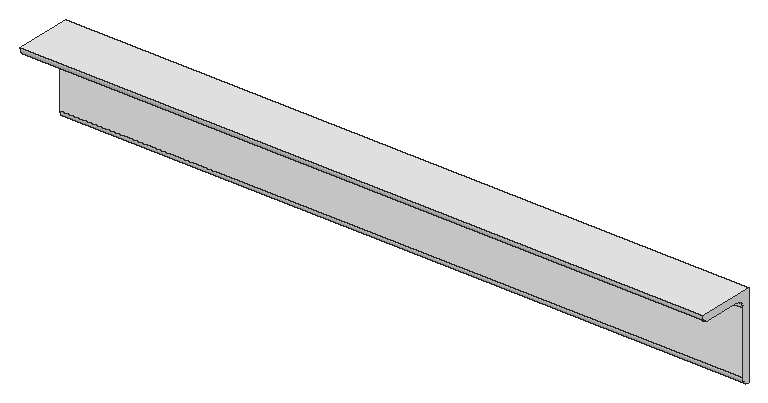
Revit family "Ângulos em L desiguais", category Quadro estrutural, Revit 2019
Family settings
  Arredondamento do comprimento do framing estrutural = 1 mm
  Forma do corte = Não definido
  Material para o comportamento do modelo = Aço
  Exportar sempre como geometria = Não
  Sempre na vertical = Sim
  Corte com vazios quando carregada = Não
  Representação simbólica = Das configurações de projeto
  Compartilhado = Não
  Exibir o pré-corte da família na vista da planta = Sim
Parameters (values of type "L152X102X12.7")
  W = 0.02411
  Structural Material [instance] = Metal - Aço 345 MPa
  Length [instance] = 1524 mm
  b = 102 mm
  d = 152 mm
  t = 13 mm
  x = 25 mm
  y = 51 mm
  A = 0.004 m²
Reference planes
  plane 1 "Centro (Frente/Trás)": y = 0
  plane 2: z = 0
  plane 3 "Centro (Esquerda/Direita)": x = 4.61
  plane 4 "Membro esquerdo": x = -604.99
  plane 5 "Membro direito": x = 614.21
  plane 6: y = 25
  plane 7: y = -77
  plane 8 "Superior": z = 51
  plane 9: z = -101
  plane 10 "Esquerda": x = -757.39
  plane 11 "Direita": x = 766.61
Forms (mm)
  Sweep 1, solid, material "Metal - Aço 345 MPa" <- "Structural Material", detail levels medium
    path origin (0, 0, 0) x (1, 0, 0) y (0, 1, 0)
      loop
        line (614.21, 0) -> (-604.99, 0)
    profile "Ângulo L-Perfil-Médio : Ângulo L-Perfil-Médio" origin (4.61, 0, 0) x (0, -1, 0) y (0, 0, 1)
      loop
        line (-25, -101) -> (-12, -101) -> (-12, 38) -> (77, 38) -> (77, 51) -> (-25, 51) -> (-25, -101)
  Sweep 2, solid, material "Metal - Aço 345 MPa" <- "Structural Material", detail levels fine
    path origin (0, 0, 0) x (1, 0, 0) y (0, 1, 0)
      loop
        line (614.21, 0) -> (-604.99, 0)
    profile "Perfil-Ângulo-L-Alto : Perfil-Ângulo-L-Alto" origin (4.61, 0, 0) x (0, -1, 0) y (0, 0, 1)
      loop
        arc (-25, -101) -> (-15.808, -97.192) -> (-12, -88) r 13
        line (-12, -88) -> (-12, 25)
        arc (-12, 25) -> (-8.192, 34.192) -> (1, 38) r 13
        line (1, 38) -> (64, 38)
        arc (64, 38) -> (73.192, 41.808) -> (77, 51) r 13
        line (77, 51) -> (-25, 51) -> (-25, -101)
Lines and regions (mm)
  symbolic lines, style "Faces ocultas", detail levels medium+fine
    curve 1: line (-604.99, 0, 38) -> (614.21, 0, 38)
    curve 2: line (-604.99, 12, 0) -> (614.21, 12, 0)
  symbolic lines, style "Símbolos de vara", detail levels coarse
    curve 3: line (4.61, 25, 51) -> (4.61, -77, 51)
    curve 4: line (4.61, 25, -101) -> (4.61, 25, 51)
Dimensions and locks
  "b": plane 6 to plane 7
  "d": plane 9 to plane 8 "Superior"
  "x": plane 6 to plane 1 "Centro (Frente/Trás)"
  "y": plane 8 "Superior" to plane 2
  "Length": plane 10 "Esquerda" to plane 11 "Direita"
  "t": plane 6 to curve 2
  aligned and locked: Sweep 1 sketch curve to plane 1 "Centro (Frente/Trás)"
  aligned and locked: Sweep 2 sketch curve to plane 1 "Centro (Frente/Trás)"
  aligned and locked: Sweep 1 to curve 3
  aligned and locked: curve 4 to Sweep 1
  aligned and locked: curve 3 to Sweep 2
  aligned and locked: curve 4 to Sweep 2
  aligned and locked: curve 1 to Sweep 1
  aligned and locked: plane 4 "Membro esquerdo" to Sweep 1 sketch curve
  aligned and locked: plane 5 "Membro direito" to Sweep 1 sketch curve
  aligned and locked: plane 4 "Membro esquerdo" to Sweep 2 sketch curve
  aligned and locked: plane 5 "Membro direito" to Sweep 2 sketch curve
  aligned and locked: plane 4 "Membro esquerdo" to curve 1
  aligned and locked: plane 5 "Membro direito" to curve 1
  aligned and locked: plane 4 "Membro esquerdo" to curve 2
  aligned and locked: plane 5 "Membro direito" to curve 2
Types in the file's own list only (40): name | W | b | d | t | x | y | A
  L89x64x6.4 | 0.00729 | 64 mm | 89 mm | 6 mm | 16 mm | 28 mm | 0.00 m²
  L89x64x7.9 | 0.00908 | 64 mm | 89 mm | 8 mm | 16 mm | 29 mm | 0.00 m²
  L89x64x9.5 | 0.01071 | 64 mm | 89 mm | 10 mm | 17 mm | 30 mm | 0.00 m²
  L102x76x7.9 | 0.01071 | 76 mm | 102 mm | 8 mm | 19 mm | 32 mm | 0.00 m²
  L102x76x9.5 | 0.01265 | 76 mm | 102 mm | 10 mm | 20 mm | 33 mm | 0.00 m²
  L102x76x11.1 | 0.01458 | 76 mm | 102 mm | 11 mm | 20 mm | 33 mm | 0.00 m²
  L102x76x12.7 | 0.01652 | 76 mm | 102 mm | 13 mm | 21 mm | 34 mm | 0.00 m²
  L102x89x6.4 | 0.00908 | 89 mm | 102 mm | 6 mm | 23 mm | 30 mm | 0.00 m²
  L102x89x7.9 | 0.01146 | 89 mm | 102 mm | 8 mm | 24 mm | 30 mm | 0.00 m²
  L102x89x9.5 | 0.01354 | 89 mm | 102 mm | 10 mm | 24 mm | 31 mm | 0.00 m²
  L102x89x11.1 | 0.01577 | 89 mm | 102 mm | 11 mm | 25 mm | 31 mm | 0.00 m²
  L102x89x12.7 | 0.01771 | 89 mm | 102 mm | 13 mm | 25 mm | 32 mm | 0.00 m²
  L127x89x7.9 | 0.01295 | 89 mm | 127 mm | 8 mm | 21 mm | 40 mm | 0.00 m²
  L127x89x9.5 | 0.01548 | 89 mm | 127 mm | 10 mm | 22 mm | 41 mm | 0.00 m²
  L127x89x11.1 | 0.01786 | 89 mm | 127 mm | 11 mm | 22 mm | 41 mm | 0.00 m²
  L127x89x12.7 | 0.02024 | 89 mm | 127 mm | 13 mm | 23 mm | 42 mm | 0.00 m²
  L127x89x14.3 | 0.02262 | 89 mm | 127 mm | 14 mm | 24 mm | 43 mm | 0.00 m²
  L127x89x15.9 | 0.025 | 89 mm | 127 mm | 16 mm | 24 mm | 43 mm | 0.00 m²
  L127x89x17.5 | 0.02723 | 89 mm | 127 mm | 18 mm | 25 mm | 44 mm | 0.00 m²
  L127x89x19.1 | 0.02947 | 89 mm | 127 mm | 19 mm | 25 mm | 45 mm | 0.00 m²
  L152x102x9.5 | 0.0183 | 102 mm | 152 mm | 10 mm | 24 mm | 49 mm | 0.00 m²
  L152x102x11.1 | 0.02128 | 102 mm | 152 mm | 11 mm | 24 mm | 50 mm | 0.00 m²
  L152x102x14.3 | 0.02694 | 102 mm | 152 mm | 14 mm | 26 mm | 51 mm | 0.00 m²
  L152x102x15.9 | 0.02976 | 102 mm | 152 mm | 16 mm | 26 mm | 52 mm | 0.00 m²
  L152x102x17.5 | 0.03244 | 102 mm | 152 mm | 18 mm | 27 mm | 52 mm | 0.00 m²
  L152x102x19.1 | 0.03512 | 102 mm | 152 mm | 19 mm | 27 mm | 53 mm | 0.00 m²
  L178x102x12.7 | 0.02664 | 102 mm | 178 mm | 13 mm | 23 mm | 62 mm | 0.00 m²
  L178x102x14.3 | 0.02976 | 102 mm | 178 mm | 14 mm | 24 mm | 62 mm | 0.00 m²
  L178x102x15.9 | 0.03289 | 102 mm | 178 mm | 16 mm | 24 mm | 63 mm | 0.00 m²
  L178x102x17.5 | 0.03601 | 102 mm | 178 mm | 18 mm | 25 mm | 63 mm | 0.00 m²
  L178x102x19.1 | 0.03899 | 102 mm | 178 mm | 19 mm | 26 mm | 64 mm | 0.00 m²
  L203x102x12.7 | 0.02917 | 102 mm | 203 mm | 13 mm | 22 mm | 73 mm | 0.00 m²
  L203x102x14.3 | 0.03259 | 102 mm | 203 mm | 14 mm | 22 mm | 73 mm | 0.00 m²
  L203x102x15.9 | 0.03601 | 102 mm | 203 mm | 16 mm | 23 mm | 74 mm | 0.00 m²
  L203x102x17.5 | 0.03944 | 102 mm | 203 mm | 18 mm | 24 mm | 74 mm | 0.01 m²
  L203x102x19.1 | 0.04271 | 102 mm | 203 mm | 19 mm | 24 mm | 75 mm | 0.01 m²
  L203x102x20.6 | 0.04613 | 102 mm | 203 mm | 21 mm | 25 mm | 76 mm | 0.01 m²
  L203x102x22.2 | 0.04926 | 102 mm | 203 mm | 22 mm | 25 mm | 76 mm | 0.01 m²
  L203x102x23.8 | 0.05253 | 102 mm | 203 mm | 24 mm | 26 mm | 77 mm | 0.01 m²
  L203x102x25.4 | 0.05566 | 102 mm | 203 mm | 25 mm | 27 mm | 78 mm | 0.01 m²
